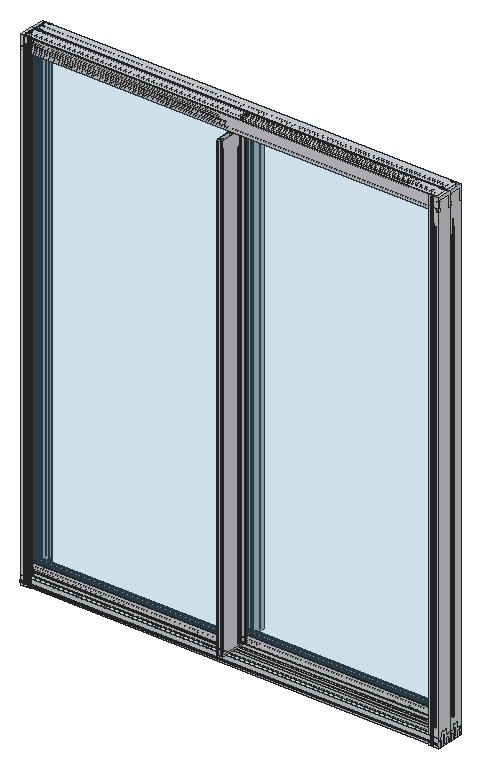
Revit family "Edge S - OX+", category Doors, host Wall, Revit 2019
Family settings
  Host = Wall
  OmniClass Number = 23.30.10.00
  OmniClass Title = Doors
  Always vertical = Yes
  Cut with Voids When Loaded = No
  Shared = No
  Room Calculation Point = No
Parameters (values of type "OX")
  Wall Setback = (Recommended Wall Thickness - Total Track Width) / 2  # 2.000"
  Total Track Width = Number of Panels * (Single Track Width)  # 5.000"
  Thickness = 0.000"  # constant formula
  Single Track Width = 2.500"  # constant formula
  Single Blade Offset = Panel Width * (Single Blade Location) + 0.031"  # 37.531"
  Single Blade Location = 1  # constant formula
  Single Blade Height = Height - 1.000"  # 83.000"
  Single Blade = yes
  Rough Width = Width + 3.375"  # 75.375"
  Rough Height = Height + 5.000"  # 89.000"
  Recommended Wall Thickness = Total Track Width + 4.000"  # 9.000"
  Panel Width = Net Panel Width / Number of Panels  # 37.500"
  Panel Opening Width = Width + 2.000"  # 74.000"
  Panel Opening Height = Height + 1.000"  # 85.000"
  Number of Panels = 2
  Number of Keeps = Number of Panels - 1  # 1
  Net Panel Width = Panel Opening Width + (Number of Keeps * 1.000")  # 75.000"
  Interlocks and Fins = yes
  Interlocks and Single Blade = yes
  Keep and Fin Heights = Height - 0.125"  # 83.875"
  Function = Interior
  Frame Projection Ext. = 1.000"
  Frame Projection Int. = 1.000"
  Frame Width = 3.000"
  Height = 84.000"
  Wall Closure = By host
  Width = 72.000"
  Daylight Width [instance] = Width  # 72.000"
  Daylight Height [instance] = Height  # 84.000"
  Center of Interlock Location = Net Panel Width / Number of Panels - 0.500"  # 37.000"
  Analytic Construction = "<None>"
Reference planes (in)
  plane 1 "Center (Front/Back)": y = 0
  plane 2 "Center (Left/Right)": x = 0
  plane 3 "Left": x = -36
  plane 4 "Right": x = 36
  plane 5 "Top": z = 84
  plane 6 "Exterior": y = 7.59375
  plane 7 "Interior": y = -4.40625
  plane 8: z = -2.5
  plane 9: x = -37.6875
  plane 10: x = 37.6875
  plane 11: z = 86.5
  plane 12: y = 0.09375
  plane 13: y = -2.40625
  plane 14: y = 2.59375
  plane 15: y = 4.59375
  plane 16: z = 0.125
  plane 17: x = 0.5
  plane 18: x = -37
  plane 19: x = 37
  plane 20: x = 37
  plane 21: x = 0
  plane 22: x = -36.5
  plane 23: x = -0.5
  plane 24: x = 36
  plane 25: z = 83.75
  plane 26: x = 0.531
Forms (in)
  Extrusion 1, void
    sketch origin (0, 0, 0) x (1, 0, 0) y (0, 1, 0)
      loop
        line (-35.6, 12.59375) -> (-35.6, -0.03125) -> (-37.5625, -0.03125) -> (-37.5625, -2.28125) -> (-35.7, -2.28125) -> (-35.7, -9.40625) -> (35.6, -9.40625) -> (35.6, 0.21875) -> (37.5625, 0.21875) -> (37.5625, 2.46875) -> (35.6, 2.46875) -> (35.6, 12.59375) -> (-35.6, 12.59375)
    from 0 to 83.75
  Extrusion 2, void
    sketch origin (0, 0, 0) x (1, 0, 0) y (0, 0, 1)
      loop
        line (37.6875, 86.5) -> (-37.6875, 86.5) -> (-37.6875, 83.94051) -> (37.6875, 83.94051) -> (37.6875, 86.5)
    from 2.33125 to -2.51875
Lines and regions (in)
  model lines
    curve 1: line (-0.5, -1.78125, 0) -> (-0.5, -3.18941, 0)
    curve 2: line (36, 0.71875, 0) -> (36, -0.68941, 0)
Text (in)
  text "Exterior" at (-74.96733, 27.31104, 0), in view "Ref. Level"
  text "Interior" at (-74.96733, -25.14366, 0), in view "Ref. Level"
  text "Exterior" at (0, 40.15149, 123.01588), in view "Right"
  text "Interior" at (0, -64.39139, 123.01588), in view "Right"
  text "Interior" at (0, -31.01599, 123.00693), in view "Left"
  text "Exterior" at (0, 54.57065, 123.00693), in view "Left"
Dimensions and locks (in)
  equal spacing: plane 3 "Left", plane 2 "Center (Left/Right)", plane 4 "Right"
  "Height": level to plane 5 "Top"
  "Width": plane 3 "Left" to plane 4 "Right"
  plane 3 "Left" to plane 4 "Right" = 72.000"
  "Rough Width": plane 9 to plane 10
  "Rough Height": plane 8 to plane 11
  "Single Track Width": plane 13 to plane 12
  equal spacing: plane 10, plane 2 "Center (Left/Right)", plane 9
  locked: plane 8 to level at 2.5
  group 1 to group 2 = 0.000"  (x2)
  group 1 to group 2 = 2.500"
  group 3 to group 4 = 0.000"  (x2)
  group 3 to group 4 = 2.500"
  group 5 to group 6 = 0.000"  (x2)
  group 5 to group 6 = 2.500"
  group 7 to group 8 = 0.000"  (x2)
  group 7 to group 8 = 2.500"
  "Total Track Width": plane 13 to plane 14
  plane 13 to plane 1 "Center (Front/Back)" to plane 14 = 2.40625", 2.59375"
  plane 5 "Top" to plane 11 = 2.500"
  plane 6 "Exterior" to Extrusion 1 sketch curve = 5.000"
  locked: Extrusion 1 sketch curve to plane 7 "Interior" at 5
  locked: plane 3 "Left" to Extrusion 1 sketch curve at 0.4
  locked: plane 9 to Extrusion 1 sketch curve at 0.125
  locked: nested 4 to Extrusion 1 sketch curve at 0.125
  nested 5 to Extrusion 1 sketch curve = 0.125"
  locked: Extrusion 1 sketch curve to plane 4 "Right" at 0.4
  locked: Extrusion 1 sketch curve to plane 10 at 0.125
  locked: Extrusion 1 sketch curve to plane 14 at 0.125
  locked: Extrusion 1 sketch curve to Extrusion 1 sketch curve at 2.25  (x2)
  locked: plane 13 to Extrusion 2 at 0.075
  locked: Extrusion 2 to plane 14 at 0.075
  locked: Extrusion 2 sketch curve to plane 5 "Top" at 0.05949
  locked: plane 7 "Interior" to nested 4 at 2
  "Recommended Wall Thickness": plane 7 "Interior" to plane 15
  "Keep and Fin Heights": plane 16 to plane 5 "Top"
  "Wall Setback": plane 7 "Interior" to plane 13
  locked: plane 18 to plane 3 "Left" at 1
  locked: plane 4 "Right" to plane 19 at 1
  plane 18 to plane 19 = 74.000"
  "Panel Width": plane 18 to plane 17
  group 9 to group 10 = 36.500"
  group 9 to group 10 = 2.500"
  group 9 to group 10 = 0.000"
  locked: plane 18 to plane 22 at 0.5
  locked: plane 23 to plane 17 at 1
  "Center of Interlock Location": plane 18 to plane 21
  plane 23 to plane 21 to plane 17 = 0.500" locked, 0.500" locked
  locked: nested 9 to plane 7 "Interior" at 3.25
  locked: nested 10 to plane 7 "Interior" at 5.75
  locked: plane 25 to plane 5 "Top" at 0.25
  "Single Blade Offset": plane 18 to plane 26
  locked: nested 11 to plane 13 at 2.1875
  aligned and locked: plane 6 "Exterior" to host wall
  aligned and locked: plane 7 "Interior" to host wall
  aligned and locked: plane 8 to nested 1  (x2)
  aligned and locked: plane 13 to nested 4
  aligned and locked: plane 13 to nested 1
  aligned and locked: nested 3 to plane 13
  aligned and locked: plane 11 to nested 4
  aligned and locked: plane 9 to nested 4
  aligned and locked: plane 10 to nested 4
  aligned and locked: nested 3 to plane 10
  aligned and locked: nested 3 to plane 8
  aligned and locked: plane 8 to nested 2
  aligned and locked: plane 9 to nested 1
  aligned and locked: plane 9 to nested 5
  aligned and locked: plane 9 to nested 8
  aligned and locked: nested 8 to plane 9
  aligned and locked: nested 7 to plane 10
  aligned and locked: plane 10 to nested 6
  aligned and locked: plane 9 to nested 6
  aligned and locked: Extrusion 2 sketch curve to plane 10
  aligned and locked: Extrusion 2 sketch curve to plane 11
  aligned and locked: Extrusion 2 sketch curve to plane 9
  aligned and locked: Extrusion 1 sketch curve to Extrusion 1 sketch curve
  aligned and locked: nested 9 to plane 18  (x2)
  aligned and locked: plane 17 to nested 9
  aligned and locked: plane 20 to nested 10
  aligned and locked: nested 10 to plane 23
  aligned and locked: plane 13 to nested 2
  aligned and locked: nested 6 to plane 12
  aligned and locked: nested 8 to plane 12
  aligned and locked: nested 5 to plane 12
  aligned and locked: plane 25 to Extrusion 1
  aligned and locked: plane 12 to nested 7
  aligned and locked: nested 11 to plane 26
Automatic sketch dimensions
  curve 1 to plane 17 = 1.000"
  curve 1 to curve 1 = 1.40816"
  curve 2 to plane 20 = 1.000"
  curve 2 to curve 2 = 1.40816"
  Extrusion 1 sketch curve to plane 3 "Left" = 0.300"
  Extrusion 2 sketch curve to plane 10 = 0.000"
Nested families (in)
  nested 1: "Jamb (Default)" at (-36.84375, -1.15625, -2.5), Jamb Height <- "Rough Height", type "Jamb (Default)"
    with Jamb Height 89.000"
  nested 2: "Track" at (0, -1.25, 0), Track Width <- "Rough Width", type "Track"
    with Track Width 75.375"
  nested 3: "Jamb (Default)" at (36.84375, -1.15625, -2.5) x (-1, 0, 0) z (0, 0, 1), Jamb Height <- "Rough Height", type "Jamb (Default)"
    with Jamb Height 89.000"
  nested 4: "Head" at (0, -1.15625, 84), Track Width <- "Rough Width", built-in parameter 1001364 <- "Height", type "Head"
    with Track Width 75.375"
  nested 5: "Head" at (0, 1.34375, 84), Track Width <- "Rough Width", built-in parameter 1001364 <- "Height", type "Head"
    with Track Width 75.375"
  nested 6: "Track" at (0, 1.25, 0), Track Width <- "Rough Width", type "Track"
    with Track Width 75.375"
  nested 7: "Jamb (Default)" at (36.84375, 1.34375, -2.5) x (-1, 0, 0) z (0, 0, 1), Jamb Height <- "Rough Height", type "Jamb (Default)"
    with Jamb Height 89.000"
  nested 8: "Jamb (Default)" at (-36.84375, 1.34375, -2.5), Jamb Height <- "Rough Height", type "Jamb (Default)"
    with Jamb Height 89.000"
  nested 9: "Edge S Panel" at (-18.25, -1.15625, 1), LEFT Keep Interlock <- "Interlocks and Single Blade", LEFT Keep With Fin <- "Interlocks and Fins", RIGHT Keep Interlock <- "Interlocks and Single Blade", RIGHT Keep With Fin <- "Interlocks and Fins", type "Edge S Panel"
    with RIGHT Keep With Fin yes, RIGHT Keep Interlock yes, LEFT Keep With Fin yes, LEFT Keep Interlock yes
  nested 10: "Edge S Panel" at (18.25, 1.34375, 1), LEFT Keep Interlock <- "Interlocks and Single Blade", LEFT Keep With Fin <- "Interlocks and Fins", RIGHT Keep Interlock <- "Interlocks and Single Blade", RIGHT Keep With Fin <- "Interlocks and Fins", type "Edge S Panel"
    with RIGHT Keep With Fin yes, RIGHT Keep Interlock yes, LEFT Keep With Fin yes, LEFT Keep Interlock yes
  nested 11: "Keep Interlock with Blade Hardware" at (0.031, 0.09375, 0.562), visible <- "Single Blade", Jamb Height <- "Single Blade Height", type "Keep Interlock with Blade Hardware"
    with Jamb Height 83.000", Hardware Height 36.000"
Definition of nested family "Jamb (Default)"
  Parameters (values of type "Jamb (Default)")
    Jamb Height [instance] = 60.000"
  Reference planes (in)
    plane 1 "Center (Front/Back)": y = 0
    plane 2: z = 0
    plane 3 "Center (Left/Right)": x = 0
    plane 4: z = 60
    plane 5: z = 0
  Forms (in)
    Extrusion 1, solid
      sketch origin (15.48525, -6, 0) x (1, 0, 0) y (0, 1, 0)
        loop
          line (-14.6415, 7.25) -> (-16.329, 7.25) -> (-16.329, 4.75) -> (-14.6415, 4.75) -> (-14.6415, 4.8125)
          arc (-14.6415, 4.8125) -> (-14.67811, 4.90089) -> (-14.7665, 4.9375) r 0.125
          line (-14.7665, 4.9375) -> (-14.854, 4.9375)
          arc (-14.854, 4.9375) -> (-14.879, 4.9125) -> (-14.854, 4.8875) r 0.025
          arc (-14.854, 4.8875) -> (-14.829, 4.8625) -> (-14.854, 4.8375) r 0.025
          line (-14.854, 4.8375) -> (-15.1165, 4.8375)
          arc (-15.1165, 4.8375) -> (-15.1415, 4.8625) -> (-15.1165, 4.8875) r 0.025
          arc (-15.1165, 4.8875) -> (-15.0915, 4.9125) -> (-15.1165, 4.9375) r 0.025
          line (-15.1165, 4.9375) -> (-15.20425, 4.9375)
          arc (-15.20425, 4.9375) -> (-15.22617, 4.92842) -> (-15.23525, 4.9065) r 0.031
          line (-15.23525, 4.9065) -> (-15.24525, 4.87501) -> (-15.76649, 4.87501)
          arc (-15.76649, 4.87501) -> (-15.81067, 4.89331) -> (-15.82897, 4.9375) r 0.06249
          line (-15.82897, 4.9375) -> (-15.82897, 5.34375)
          arc (-15.82897, 5.34375) -> (-15.86022, 5.375) -> (-15.82897, 5.40625) r 0.03125
          line (-15.82897, 5.40625) -> (-15.82897, 5.84399)
          arc (-15.82897, 5.84399) -> (-15.83802, 5.86584) -> (-15.85986, 5.87489) r 0.03089
          arc (-15.85986, 5.87489) -> (-15.89795, 6) -> (-15.85986, 6.12511) r 0.22455
          arc (-15.85986, 6.12511) -> (-15.83802, 6.13416) -> (-15.82897, 6.15601) r 0.03089
          line (-15.82897, 6.15601) -> (-15.82897, 6.59375)
          arc (-15.82897, 6.59375) -> (-15.86022, 6.625) -> (-15.82897, 6.65625) r 0.03125
          line (-15.82897, 6.65625) -> (-15.82897, 7.0625)
          arc (-15.82897, 7.0625) -> (-15.81067, 7.10669) -> (-15.76649, 7.12499) r 0.06249
          line (-15.76649, 7.12499) -> (-15.24525, 7.12499) -> (-15.23525, 7.0935)
          arc (-15.23525, 7.0935) -> (-15.22617, 7.07158) -> (-15.20425, 7.0625) r 0.031
          line (-15.20425, 7.0625) -> (-15.1165, 7.0625)
          arc (-15.1165, 7.0625) -> (-15.0915, 7.0875) -> (-15.1165, 7.1125) r 0.025
          arc (-15.1165, 7.1125) -> (-15.1415, 7.1375) -> (-15.1165, 7.1625) r 0.025
          line (-15.1165, 7.1625) -> (-14.854, 7.1625)
          arc (-14.854, 7.1625) -> (-14.829, 7.1375) -> (-14.854, 7.1125) r 0.025
          arc (-14.854, 7.1125) -> (-14.879, 7.0875) -> (-14.854, 7.0625) r 0.025
          line (-14.854, 7.0625) -> (-14.7665, 7.0625)
          arc (-14.7665, 7.0625) -> (-14.67811, 7.09911) -> (-14.6415, 7.1875) r 0.125
          line (-14.6415, 7.1875) -> (-14.6415, 7.25)
      from 0 to 60
  Dimensions and locks (in)
    "Jamb Height": plane 4 to plane 5
    plane 5 to level = 0.000"
    aligned and locked: plane 2 to level
    aligned and locked: plane 4 to Extrusion 1
    aligned and locked: plane 5 to Extrusion 1
    aligned and locked: Extrusion 1 to plane 4
  Automatic sketch dimensions
    plane 1 "Center (Front/Back)" to Extrusion 1 sketch curve = 0.000"
    Extrusion 1 sketch curve to plane 3 "Center (Left/Right)" = 0.84375"
    Extrusion 1 sketch curve to plane 1 "Center (Front/Back)" = 0.15601"
    Extrusion 1 sketch curve to plane 3 "Center (Left/Right)" = 0.37462"
    plane 1 "Center (Front/Back)" to Extrusion 1 sketch curve = 0.15601"
    Extrusion 1 sketch curve to Extrusion 1 sketch curve = 0.000"  (x3)
    Extrusion 1 sketch curve to plane 3 "Center (Left/Right)" = 0.34372"
    Extrusion 1 sketch curve to Extrusion 1 sketch curve = 0.06249"  (x2)
    Extrusion 1 sketch curve to plane 3 "Center (Left/Right)" = 0.18815"
    plane 3 "Center (Left/Right)" to Extrusion 1 sketch curve = 0.240"  (x2)
    Extrusion 1 sketch curve to Extrusion 1 sketch curve = 0.010"  (x2)
    Extrusion 1 sketch curve to Extrusion 1 sketch curve = 0.031"  (x2)
    Extrusion 1 sketch curve to Extrusion 1 sketch curve = 0.08775"  (x2)
    Extrusion 1 sketch curve to Extrusion 1 sketch curve = 0.2625"  (x2)
    Extrusion 1 sketch curve to Extrusion 1 sketch curve = 0.0875"  (x2)
    Extrusion 1 sketch curve to Extrusion 1 sketch curve = 0.125"  (x2)
    Extrusion 1 sketch curve to Extrusion 1 sketch curve = 0.43774"  (x2)
    Extrusion 1 sketch curve to Extrusion 1 sketch curve = 0.03125"  (x2)
    Extrusion 1 sketch curve to Extrusion 1 sketch curve = 0.40625"  (x3)
    Extrusion 1 sketch curve to Extrusion 1 sketch curve = 0.025"  (x10)
    Extrusion 1 sketch curve to Extrusion 1 sketch curve = 0.1875"
    Extrusion 1 sketch curve to plane 1 "Center (Front/Back)" = 1.0625"
    Extrusion 1 sketch curve to Extrusion 1 sketch curve = 0.0625"
Definition of nested family "Track"
  Parameters (values of type "Track")
    Track Width [instance] = 12.000"
  Reference planes (in)
    plane 1 "Center (Front/Back)": y = 0
    plane 2: z = 0
    plane 3 "Center (Left/Right)": x = 0
    plane 4: z = 60
  Forms (in)
    Extrusion 1, solid
      sketch origin (6.09375, 19.95712, -81.63742) x (0, -1, 0) y (0, 0, 1)
        loop
          line (18.61337, 80.63742) -> (18.61337, 79.85492)
          arc (18.61337, 79.85492) -> (18.625, 79.8312) -> (18.65087, 79.82587) r 0.03
          arc (18.65087, 79.82587) -> (18.67674, 79.8312) -> (18.68837, 79.85492) r 0.03
          line (18.68837, 79.85492) -> (18.68837, 79.98742) -> (18.77537, 79.98742) -> (18.77537, 79.81617)
          arc (18.77537, 79.81617) -> (18.79565, 79.80385) -> (18.81087, 79.78563) r 0.0725
          line (18.81087, 79.78563) -> (18.81087, 79.71214)
          arc (18.81087, 79.71214) -> (18.79329, 79.69198) -> (18.76959, 79.67956) r 0.0725
          arc (18.76959, 79.67956) -> (18.75425, 79.66872) -> (18.74837, 79.65087) r 0.03
          line (18.74837, 79.65087) -> (18.74837, 79.13742) -> (18.82337, 79.13742) -> (18.82337, 79.62188)
          arc (18.82337, 79.62188) -> (18.89489, 79.73195) -> (18.85037, 79.85543) r 0.1475
          line (18.85037, 79.85543) -> (18.85037, 80.06242) -> (18.68837, 80.06242) -> (18.68837, 80.56242) -> (19.17016, 80.56242) -> (19.17016, 80.53104)
          arc (19.17016, 80.53104) -> (19.08244, 80.41854) -> (19.12025, 80.28098) r 0.159
          arc (19.12025, 80.28098) -> (19.17321, 80.27822) -> (19.17596, 80.33118) r 0.0375
          arc (19.17596, 80.33118) -> (19.23837, 80.47142) -> (19.30077, 80.33118) r 0.084
          arc (19.30077, 80.33118) -> (19.30352, 80.27822) -> (19.35648, 80.28098) r 0.0375
          arc (19.35648, 80.28098) -> (19.38679, 80.33041) -> (19.39737, 80.38742) r 0.159
          line (19.39737, 80.38742) -> (19.45087, 80.38742) -> (19.45087, 79.13742) -> (19.55087, 79.13742) -> (19.55087, 79.28742) -> (20.17587, 79.28742) -> (20.17587, 79.13742) -> (20.27587, 79.13742) -> (20.27587, 80.38742) -> (20.32937, 80.38742)
          arc (20.32937, 80.38742) -> (20.33994, 80.33041) -> (20.37025, 80.28098) r 0.159
          arc (20.37025, 80.28098) -> (20.42321, 80.27822) -> (20.42596, 80.33118) r 0.0375
          arc (20.42596, 80.33118) -> (20.48837, 80.47142) -> (20.55077, 80.33118) r 0.084
          arc (20.55077, 80.33118) -> (20.55352, 80.27822) -> (20.60648, 80.28098) r 0.0375
          arc (20.60648, 80.28098) -> (20.64474, 80.41619) -> (20.56087, 80.52892) r 0.159
          line (20.56087, 80.52892) -> (20.56087, 80.56242) -> (21.03837, 80.56242) -> (21.03837, 80.06242) -> (20.86337, 80.06242) -> (20.86337, 79.13742) -> (20.93837, 79.13742) -> (20.93837, 79.98742) -> (21.03837, 79.98742) -> (21.03837, 79.74992) -> (21.18588, 79.74992)
          arc (21.18588, 79.74992) -> (21.2302, 79.68909) -> (21.30087, 79.71497) r 0.0625
          line (21.30087, 79.71497) -> (21.30087, 79.7828)
          arc (21.30087, 79.7828) -> (21.28467, 79.79976) -> (21.26337, 79.80956) r 0.0625
          line (21.26337, 79.80956) -> (21.26337, 79.93992) -> (21.19774, 79.93992) -> (21.19774, 79.82492) -> (21.11337, 79.82492) -> (21.11337, 80.63742) -> (20.27587, 80.63742) -> (20.27587, 81.25242) -> (20.25087, 81.30617) -> (20.25087, 81.63742) -> (20.17587, 81.63742) -> (20.17587, 81.13742) -> (20.05137, 81.13742) -> (20.05137, 81.38742) -> (20.01169, 81.38742)
          arc (20.01169, 81.38742) -> (19.99526, 81.38142) -> (19.98656, 81.36624) r 0.0255
          arc (19.98656, 81.36624) -> (19.86337, 81.26242) -> (19.74017, 81.36624) r 0.125
          arc (19.74017, 81.36624) -> (19.73148, 81.38142) -> (19.71504, 81.38742) r 0.0255
          line (19.71504, 81.38742) -> (19.67537, 81.38742) -> (19.67537, 81.13742) -> (19.55087, 81.13742) -> (19.55087, 81.63742) -> (19.47587, 81.63742) -> (19.47587, 81.30617) -> (19.45087, 81.25242) -> (19.45087, 80.63742) -> (18.61337, 80.63742)
        loop
          line (19.65837, 81.00242) -> (19.65837, 79.39742) -> (20.06837, 79.39742) -> (20.06837, 81.00242) -> (19.94677, 81.00242)
          arc (19.94677, 81.00242) -> (19.86337, 81.09642) -> (19.77996, 81.00242) r 0.084
          line (19.77996, 81.00242) -> (19.65837, 81.00242)
      from 0.09375 to 12.09375
  Dimensions and locks (in)
    plane 4 to level = 60.000"
    equal spacing: Extrusion 1, plane 3 "Center (Left/Right)", Extrusion 1
    "Track Width": Extrusion 1 to Extrusion 1
    equal spacing: Extrusion 1, plane 1 "Center (Front/Back)", Extrusion 1
    aligned and locked: plane 2 to level
  Automatic sketch dimensions
    Extrusion 1 sketch curve to Extrusion 1 sketch curve = 0.000"  (x28)
    Extrusion 1 sketch curve to level = 0.000"  (x2)
    Extrusion 1 sketch curve to level = 1.7825"
    Extrusion 1 sketch curve to plane 1 "Center (Front/Back)" = 1.34375"
    Extrusion 1 sketch curve to Extrusion 1 sketch curve = 0.030"  (x3)
    Extrusion 1 sketch curve to Extrusion 1 sketch curve = 0.015"
    Extrusion 1 sketch curve to Extrusion 1 sketch curve = 0.075"  (x11)
    Extrusion 1 sketch curve to Extrusion 1 sketch curve = 0.060"
    Extrusion 1 sketch curve to Extrusion 1 sketch curve = 0.087"
    Extrusion 1 sketch curve to Extrusion 1 sketch curve = 0.0355"
    Extrusion 1 sketch curve to Extrusion 1 sketch curve = 0.29774"
    Extrusion 1 sketch curve to Extrusion 1 sketch curve = 0.02205"
    Extrusion 1 sketch curve to Extrusion 1 sketch curve = 0.09026"  (x4)
    Extrusion 1 sketch curve to Extrusion 1 sketch curve = 0.06874"  (x2)
    Extrusion 1 sketch curve to Extrusion 1 sketch curve = 0.0535"  (x2)
    Extrusion 1 sketch curve to Extrusion 1 sketch curve = 0.6275"
    Extrusion 1 sketch curve to Extrusion 1 sketch curve = 0.025"
    Extrusion 1 sketch curve to Extrusion 1 sketch curve = 0.100"  (x4)
    Extrusion 1 sketch curve to Extrusion 1 sketch curve = 0.1075"  (x2)
    Extrusion 1 sketch curve to Extrusion 1 sketch curve = 0.1995"
    Extrusion 1 sketch curve to Extrusion 1 sketch curve = 0.03968"  (x2)
    Extrusion 1 sketch curve to Extrusion 1 sketch curve = 0.1216"  (x2)
    Extrusion 1 sketch curve to Extrusion 1 sketch curve = 0.0834"  (x2)
    Extrusion 1 sketch curve to Extrusion 1 sketch curve = 0.14832"  (x2)
    Extrusion 1 sketch curve to Extrusion 1 sketch curve = 0.1245"
    Extrusion 1 sketch curve to Extrusion 1 sketch curve = 0.2075"
    Extrusion 1 sketch curve to Extrusion 1 sketch curve = 0.0725"
    Extrusion 1 sketch curve to Extrusion 1 sketch curve = 0.28474"
    Extrusion 1 sketch curve to Extrusion 1 sketch curve = 0.07251"
    Extrusion 1 sketch curve to Extrusion 1 sketch curve = 0.01187"
    Extrusion 1 sketch curve to Extrusion 1 sketch curve = 0.06249"
    Extrusion 1 sketch curve to Extrusion 1 sketch curve = 0.06563"
    Extrusion 1 sketch curve to Extrusion 1 sketch curve = 0.0525"
    Extrusion 1 sketch curve to level = 1.8125"
    Extrusion 1 sketch curve to Extrusion 1 sketch curve = 0.03874"
    Extrusion 1 sketch curve to Extrusion 1 sketch curve = 0.01536"
    Extrusion 1 sketch curve to Extrusion 1 sketch curve = 0.03054"
    Extrusion 1 sketch curve to Extrusion 1 sketch curve = 0.02676"
    Extrusion 1 sketch curve to Extrusion 1 sketch curve = 0.03674"
    Extrusion 1 sketch curve to Extrusion 1 sketch curve = 0.06127"
    Extrusion 1 sketch curve to Extrusion 1 sketch curve = 0.029"
    Extrusion 1 sketch curve to Extrusion 1 sketch curve = 0.22446"
    Extrusion 1 sketch curve to Extrusion 1 sketch curve = 0.110"
    Extrusion 1 sketch curve to Extrusion 1 sketch curve = 0.150"  (x2)
    Extrusion 1 sketch curve to Extrusion 1 sketch curve = 0.48446"
    Extrusion 1 sketch curve to Extrusion 1 sketch curve = 0.6125"
    Extrusion 1 sketch curve to Extrusion 1 sketch curve = 0.115"  (x3)
    Extrusion 1 sketch curve to Extrusion 1 sketch curve = 0.13198"
    Extrusion 1 sketch curve to Extrusion 1 sketch curve = 0.1625"
    Extrusion 1 sketch curve to Extrusion 1 sketch curve = 0.24367"  (x2)
    Extrusion 1 sketch curve to Extrusion 1 sketch curve = 0.08133"  (x3)
    Extrusion 1 sketch curve to Extrusion 1 sketch curve = 0.14363"
    Extrusion 1 sketch curve to Extrusion 1 sketch curve = 0.03349"
    Extrusion 1 sketch curve to Extrusion 1 sketch curve = 0.03137"
    Extrusion 1 sketch curve to Extrusion 1 sketch curve = 0.250"
    Extrusion 1 sketch curve to Extrusion 1 sketch curve = 0.365"
    Extrusion 1 sketch curve to Extrusion 1 sketch curve = 0.010"
    Extrusion 1 sketch curve to Extrusion 1 sketch curve = 0.135"  (x2)
    Extrusion 1 sketch curve to Extrusion 1 sketch curve = 0.05375"  (x2)
    Extrusion 1 sketch curve to Extrusion 1 sketch curve = 0.2245"  (x2)
    Extrusion 1 sketch curve to Extrusion 1 sketch curve = 0.0255"  (x2)
    Extrusion 1 sketch curve to Extrusion 1 sketch curve = 0.02786"  (x5)
Definition of nested family "Head"
  Parameters (values of type "Head")
    Track Width [instance] = 12.000"
  Reference planes (in)
    plane 1 "Center (Front/Back)": y = 0
    plane 2: z = 0
    plane 3 "Center (Left/Right)": x = 0
    plane 4: z = 60
  Forms (in)
    Extrusion 1, solid
      sketch origin (6.09375, 19.86337, -84.09992) x (0, -1, 0) y (0, 0, 1)
        loop
          line (18.73837, 84.70367) -> (18.73837, 85.80867) -> (18.76962, 85.81867)
          arc (18.76962, 85.81867) -> (18.80087, 85.84992) -> (18.76962, 85.88117) r 0.03125
          line (18.76962, 85.88117) -> (18.73836, 85.89117) -> (18.73836, 86.03743)
          arc (18.73836, 86.03743) -> (18.75667, 86.08163) -> (18.80087, 86.09994) r 0.06251
          line (18.80087, 86.09994) -> (19.20712, 86.09994)
          arc (19.20712, 86.09994) -> (19.23837, 86.13119) -> (19.26962, 86.09994) r 0.03125
          line (19.26962, 86.09994) -> (19.70735, 86.09994)
          arc (19.70735, 86.09994) -> (19.72931, 86.10904) -> (19.73841, 86.131) r 0.03106
          arc (19.73841, 86.131) -> (19.86416, 86.16944) -> (19.98992, 86.13104) r 0.22505
          arc (19.98992, 86.13104) -> (19.9991, 86.10888) -> (20.02127, 86.0997) r 0.03135
          line (20.02127, 86.0997) -> (20.45712, 86.0997)
          arc (20.45712, 86.0997) -> (20.48837, 86.13095) -> (20.51962, 86.0997) r 0.03125
          line (20.51962, 86.0997) -> (20.92591, 86.0997)
          arc (20.92591, 86.0997) -> (20.97002, 86.08143) -> (20.98829, 86.03732) r 0.06238
          line (20.98829, 86.03732) -> (20.98829, 85.89117) -> (20.95712, 85.88117)
          arc (20.95712, 85.88117) -> (20.92587, 85.84992) -> (20.95712, 85.81867) r 0.03125
          line (20.95712, 85.81867) -> (20.98837, 85.80867) -> (20.98837, 84.70367) -> (20.95687, 84.69367)
          arc (20.95687, 84.69367) -> (20.93495, 84.68459) -> (20.92587, 84.66267) r 0.031
          line (20.92587, 84.66267) -> (20.92587, 84.57492)
          arc (20.92587, 84.57492) -> (20.95087, 84.54992) -> (20.97587, 84.57492) r 0.025
          arc (20.97587, 84.57492) -> (21.00087, 84.59992) -> (21.02587, 84.57492) r 0.025
          line (21.02587, 84.57492) -> (21.02587, 84.31242)
          arc (21.02587, 84.31242) -> (21.00087, 84.28742) -> (20.97587, 84.31242) r 0.025
          arc (20.97587, 84.31242) -> (20.95087, 84.33742) -> (20.92587, 84.31242) r 0.025
          line (20.92587, 84.31242) -> (20.92587, 84.22492)
          arc (20.92587, 84.22492) -> (20.96248, 84.13653) -> (21.05087, 84.09992) r 0.125
          line (21.05087, 84.09992) -> (21.11337, 84.09992) -> (21.11337, 86.59992) -> (18.61337, 86.59992) -> (18.61337, 84.09992) -> (18.67587, 84.09992)
          arc (18.67587, 84.09992) -> (18.76426, 84.13653) -> (18.80087, 84.22492) r 0.125
          line (18.80087, 84.22492) -> (18.80087, 84.31242)
          arc (18.80087, 84.31242) -> (18.77587, 84.33742) -> (18.75087, 84.31242) r 0.025
          arc (18.75087, 84.31242) -> (18.72587, 84.28742) -> (18.70087, 84.31242) r 0.025
          line (18.70087, 84.31242) -> (18.70087, 84.57492)
          arc (18.70087, 84.57492) -> (18.72587, 84.59992) -> (18.75087, 84.57492) r 0.025
          arc (18.75087, 84.57492) -> (18.77587, 84.54992) -> (18.80087, 84.57492) r 0.025
          line (18.80087, 84.57492) -> (18.80087, 84.66267)
          arc (18.80087, 84.66267) -> (18.79179, 84.68459) -> (18.76987, 84.69367) r 0.031
          line (18.76987, 84.69367) -> (18.73837, 84.70367)
      from 0.09375 to 12.09375
  Dimensions and locks (in)
    plane 4 to level = 60.000"
    equal spacing: Extrusion 1, plane 3 "Center (Left/Right)", Extrusion 1
    "Track Width": Extrusion 1 to Extrusion 1
    equal spacing: Extrusion 1, plane 1 "Center (Front/Back)", Extrusion 1
    Extrusion 1 to Extrusion 1 = 2.500"
    aligned and locked: plane 2 to level
  Automatic sketch dimensions
    Extrusion 1 sketch curve to plane 1 "Center (Front/Back)" = 1.250"
    Extrusion 1 sketch curve to Extrusion 1 sketch curve = 0.0625"  (x2)
    Extrusion 1 sketch curve to Extrusion 1 sketch curve = 0.025"  (x12)
    Extrusion 1 sketch curve to Extrusion 1 sketch curve = 0.12499"
    Extrusion 1 sketch curve to Extrusion 1 sketch curve = 0.00001"
    Extrusion 1 sketch curve to Extrusion 1 sketch curve = 0.03126"
    Extrusion 1 sketch curve to Extrusion 1 sketch curve = 0.0315"  (x2)
    Extrusion 1 sketch curve to Extrusion 1 sketch curve = 0.031"  (x2)
    Extrusion 1 sketch curve to Extrusion 1 sketch curve = 0.06251"
    Extrusion 1 sketch curve to Extrusion 1 sketch curve = 0.40625"
    Extrusion 1 sketch curve to Extrusion 1 sketch curve = 0.03125"  (x4)
    Extrusion 1 sketch curve to plane 1 "Center (Front/Back)" = 0.15602"
    plane 1 "Center (Front/Back)" to Extrusion 1 sketch curve = 0.00083"
    plane 1 "Center (Front/Back)" to Extrusion 1 sketch curve = 0.1579"
    Extrusion 1 sketch curve to Extrusion 1 sketch curve = 0.43585"
    plane 1 "Center (Front/Back)" to Extrusion 1 sketch curve = 1.0625"
    Extrusion 1 sketch curve to Extrusion 1 sketch curve = 0.000"
    Extrusion 1 sketch curve to Extrusion 1 sketch curve = 0.40629"
    Extrusion 1 sketch curve to Extrusion 1 sketch curve = 0.03121"
    Extrusion 1 sketch curve to Extrusion 1 sketch curve = 0.03117"
    Extrusion 1 sketch curve to level = 0.000"
    Extrusion 1 sketch curve to Extrusion 1 sketch curve = 0.125"
    Extrusion 1 sketch curve to Extrusion 1 sketch curve = 0.0875"  (x2)
    Extrusion 1 sketch curve to Extrusion 1 sketch curve = 0.2625"  (x2)
    Extrusion 1 sketch curve to Extrusion 1 sketch curve = 0.08775"  (x2)
    Extrusion 1 sketch curve to Extrusion 1 sketch curve = 0.010"  (x6)
    Extrusion 1 sketch curve to Extrusion 1 sketch curve = 1.105"
    Extrusion 1 sketch curve to Extrusion 1 sketch curve = 1.14625"
    Extrusion 1 sketch curve to Extrusion 1 sketch curve = 0.06322"
    Extrusion 1 sketch curve to Extrusion 1 sketch curve = 0.14615"
    Extrusion 1 sketch curve to Extrusion 1 sketch curve = 0.14626"
    Extrusion 1 sketch curve to Extrusion 1 sketch curve = 0.03106"
    Extrusion 1 sketch curve to Extrusion 1 sketch curve = 0.49998"
Definition of nested family "Edge S Panel"
  Parameters (values of type "Edge S Panel")
    Width = 37.500"
    Thickness = 1.250"
    Sill Width = Width - 0.500"  # 37.000"
    RIGHT Keep With Fin [instance] = yes
    RIGHT Keep Interlock [instance] = yes
    LEFT Keep With Fin [instance] = yes
    LEFT Keep Interlock [instance] = yes
    Keep Offset = 0.375"  # constant formula
    Keep Jamb Height = Jamb Height + Keep Offset + 1.000"  # 84.375"
    Jamb Height = Height - 2.000"  # 83.000"
    Height = 85.000"
    Glass Height = Height - 2 * (0.438")  # 84.124"
    Glass = none
    Analytic Construction = "<None>"
  Reference planes (in)
    plane 1 "Center (Front/Back)": y = 0
    plane 2: z = 0
    plane 3 "Center (Left/Right)": x = 0
    plane 4: x = 18.3125
    plane 5: x = -18.3125
    plane 6: y = -0.625
    plane 7: y = 0.625
    plane 8: z = 83.5625
    plane 9: x = -18.75
    plane 10: x = 18.75
    plane 11: z = 84
    plane 12: z = -0.4375
    plane 13: z = -1
    plane 14: z = -1
    plane 15: x = -18.5
    plane 16: x = 18.5
    plane 17: z = 82.5625
    plane 18: z = -0.8125
  Forms (in)
    Extrusion 1, solid, material <- "Glass"
      sketch origin (0, 0, 0) x (1, 0, 0) y (0, 0, 1)
        loop
          line (-18.3125, 83.5625) -> (-18.3125, 0) -> (18.3125, 0) -> (18.3125, 83.5625) -> (-18.3125, 83.5625)
      from -0.625 to 0.625
  Lines and regions (in)
    model lines
      curve 1: line (-18.75, 0, 83) -> (-19.07733, 0, 83)
      curve 2: line (-18.75, 0, 84) -> (-19.07733, 0, 84)
      curve 3: line (-18.75, 0, 0.5625) -> (-19.07733, 0, 0.5625)
      curve 4: line (-18.75, 0, -1.0005) -> (-19.07733, 0, -1.0005)
  Text (in)
    text "GLASS WIDTH" at (-7.74681, 34.53142, 0), in view "Ref. Level"
    text "GLASS WIDTH" at (-63.52063, 0, 36.6361), in view "Front"
    text "GLASS HEIGHT" at (-50.2472, 0, 36.6361), in view "Front"
  Dimensions and locks (in)
    "Thickness": plane 7 to plane 6
    plane 5 to plane 4 = 36.625"
    equal spacing: plane 7, plane 1 "Center (Front/Back)", plane 6
    equal spacing: plane 5, plane 3 "Center (Left/Right)", plane 4
    "Height": plane 11 to plane 14
    locked: plane 9 to plane 5 at 0.4375
    nested 2 to nested 2 = 1.000"
    locked: plane 4 to plane 10 at 0.4375
    "Width": plane 9 to plane 10
    locked: plane 11 to plane 8 at 0.4375
    locked: plane 2 to plane 12 at 0.4375
    plane 8 to plane 2 = 83.5625"
    locked: plane 2 to plane 13 at 1
    locked: level to plane 14 at 1
    curve 3 to plane 14 = 1.5625"
    plane 9 to plane 15 = 0.250"
    locked: plane 16 to plane 10 at 0.25
    "Jamb Height": plane 17 to plane 12
    "Keep Jamb Height": plane 8 to plane 18
    plane 12 to plane 18 = 0.375"
    aligned and locked: plane 2 to level
    aligned and locked: Extrusion 1 sketch curve to plane 8
    aligned and locked: Extrusion 1 sketch curve to plane 4
    aligned and locked: level to Extrusion 1 sketch curve
    aligned and locked: plane 5 to Extrusion 1 sketch curve
    aligned and locked: plane 7 to Extrusion 1
    aligned and locked: Extrusion 1 to plane 6
    aligned and locked: nested 3 to plane 4
    aligned and locked: plane 5 to nested 2
    aligned and locked: nested 4 to plane 4
    aligned and locked: plane 5 to nested 1
    aligned and locked: plane 9 to nested 5
    aligned and locked: nested 5 to plane 10
    aligned and locked: nested 5 to plane 8
    aligned and locked: plane 2 to nested 6
    aligned and locked: nested 7 to plane 9
    aligned and locked: plane 10 to nested 8
    aligned and locked: plane 9 to nested 7
    aligned and locked: plane 15 to nested 6
    aligned and locked: plane 17 to nested 3
    aligned and locked: plane 17 to nested 2
    aligned and locked: plane 17 to nested 7
    aligned and locked: plane 12 to nested 4
    aligned and locked: plane 18 to nested 1
    aligned and locked: plane 18 to nested 8
  Automatic sketch dimensions
    curve 2 to plane 11 = 0.000"
    plane 9 to curve 3 = 0.000"
    plane 9 to curve 4 = 0.000"
    plane 9 to curve 2 = 0.000"
    plane 9 to curve 1 = 0.000"
    curve 4 to curve 4 = 0.32733"
    plane 9 to curve 2 = 0.32733"
    plane 9 to curve 3 = 0.32733"
    plane 9 to curve 1 = 0.32733"
    curve 1 to plane 8 = 0.5625"
    curve 4 to plane 13 = 0.0005"
  Nested families (in)
    nested 1: "Keep" at (-18.25, -1.25, -0.8125) x (-1, 0, 0) z (0, 0, 1), Jamb Height <- "Keep Jamb Height", type "Keep"
      with Jamb Height 84.375"
    nested 2: "Keep Interlock Single" at (-18.25, -1.25, -0.4375) x (-1, 0, 0) z (0, 0, 1), visible <- "LEFT Keep Interlock", Jamb Height <- "Jamb Height", type "Keep Interlock Single"
      with Jamb Height 83.000"
    nested 3: "Keep Interlock Single" at (18.25, 1.25, -0.4375), visible <- "RIGHT Keep Interlock", Jamb Height <- "Jamb Height", type "Keep Interlock Single"
      with Jamb Height 83.000"
    nested 4: "Keep" at (18.25, 1.25, -0.4375), Jamb Height <- "Keep Jamb Height", type "Keep"
      with Jamb Height 84.375"
    nested 5: "Panel Head" at (0, 0, 83), Track Width <- "Width", type "Panel Head"
      with Track Width 37.500"
    nested 6: "Panel Sill" at (0, 0, 0.5625), Track Width <- "Sill Width", type "Panel Sill"
      with Track Width 37.000"
    nested 7: "Keep Interlock with Fin Single" at (-18.25, -1.25, -0.4375) x (-1, 0, 0) z (0, 0, 1), visible <- "LEFT Keep With Fin", Jamb Height <- "Jamb Height", type "Keep Interlock with Fin Single"
      with Jamb Height 83.000"
    nested 8: "Keep Interlock with Fin Single" at (18.25, 1.25, -0.8125), visible <- "RIGHT Keep With Fin", Jamb Height <- "Jamb Height", type "Keep Interlock with Fin Single"
      with Jamb Height 83.000"
  Definition of nested family "Keep"
    Parameters (values of type "Keep")
      Jamb Height [instance] = 60.000"
    Reference planes (in)
      plane 1 "Center (Front/Back)": y = 0
      plane 2: z = 0
      plane 3 "Center (Left/Right)": x = 0
      plane 4: z = 60
      plane 5: z = 0
      plane 6: y = 2.5
      plane 7: y = 1.25
      plane 8: y = 0
      plane 9: y = -1.25
      plane 10: y = -2.5
      plane 11: x = -0.5
      plane 12: x = 0
      plane 13: x = 0.5
      plane 14: x = -0.5
      plane 15: x = 0
      plane 16: x = 0.5
    Forms (in)
      Extrusion 1, solid
        sketch origin (19.06238, -6.87794, 0) x (1, 0, 0) y (0, 1, 0)
          loop
            line (-19.56238, 4.68419) -> (-18.56238, 4.68419) -> (-18.56238, 6.57169) -> (-19.56238, 6.57169) -> (-19.56238, 6.45769)
            arc (-19.56238, 6.45769) -> (-19.55348, 6.43595) -> (-19.53188, 6.42669) r 0.031
            arc (-19.53188, 6.42669) -> (-19.55341, 6.41808) -> (-19.56238, 6.39669) r 0.03
            line (-19.56238, 6.39669) -> (-19.56238, 6.26294) -> (-19.43738, 6.26294) -> (-19.43738, 6.35669) -> (-19.06238, 6.35669) -> (-19.06238, 6.26294) -> (-18.99988, 6.26294) -> (-18.99988, 6.09669) -> (-18.89988, 6.09669) -> (-18.89988, 6.3715)
            arc (-18.89988, 6.3715) -> (-18.90992, 6.40156) -> (-18.93601, 6.41954) r 0.05
            line (-18.93601, 6.41954) -> (-18.9904, 6.43524) -> (-18.9904, 6.47169) -> (-18.87488, 6.47169) -> (-18.87488, 6.37209) -> (-18.8244, 6.37209)
            arc (-18.8244, 6.37209) -> (-18.67838, 6.31544) -> (-18.8244, 6.2588) r 0.084
            line (-18.8244, 6.2588) -> (-18.87488, 6.2588) -> (-18.87488, 6.03419) -> (-18.68738, 6.03419) -> (-18.68738, 5.22169) -> (-18.87488, 5.22169) -> (-18.87488, 4.99709) -> (-18.8244, 4.99709)
            arc (-18.8244, 4.99709) -> (-18.67838, 4.94044) -> (-18.8244, 4.8838) r 0.084
            line (-18.8244, 4.8838) -> (-18.87488, 4.8838) -> (-18.87488, 4.78419) -> (-18.9904, 4.78419) -> (-18.9904, 4.82064) -> (-18.93601, 4.83634)
            arc (-18.93601, 4.83634) -> (-18.90992, 4.85432) -> (-18.89988, 4.88438) r 0.05
            line (-18.89988, 4.88438) -> (-18.89988, 5.15919) -> (-18.99988, 5.15919) -> (-18.99988, 4.99294) -> (-19.06238, 4.99294) -> (-19.06238, 4.89919) -> (-19.43738, 4.89919) -> (-19.43738, 4.99294) -> (-19.56238, 4.99294) -> (-19.56238, 4.85919)
            arc (-19.56238, 4.85919) -> (-19.55341, 4.8378) -> (-19.53188, 4.82919) r 0.03
            arc (-19.53188, 4.82919) -> (-19.55348, 4.81993) -> (-19.56238, 4.79819) r 0.031
            line (-19.56238, 4.79819) -> (-19.56238, 4.68419)
        from 0 to 60
    Dimensions and locks (in)
      "Jamb Height": plane 4 to plane 5
      plane 5 to level = 0.000"
      aligned and locked: plane 2 to level
      aligned and locked: plane 4 to Extrusion 1
      aligned and locked: plane 5 to Extrusion 1
      aligned and locked: Extrusion 1 to plane 4
    Automatic sketch dimensions
      Extrusion 1 sketch curve to plane 11 = 0.000"  (x4)
      Extrusion 1 sketch curve to plane 3 "Center (Left/Right)" = 0.000"  (x2)
      Extrusion 1 sketch curve to plane 13 = 0.000"
      Extrusion 1 sketch curve to Extrusion 1 sketch curve = 0.030"  (x2)
      Extrusion 1 sketch curve to Extrusion 1 sketch curve = 0.031"  (x2)
      Extrusion 1 sketch curve to Extrusion 1 sketch curve = 0.095"  (x2)
      Extrusion 1 sketch curve to Extrusion 1 sketch curve = 0.0625"  (x3)
      plane 3 "Center (Left/Right)" to Extrusion 1 sketch curve = 0.0625"
      plane 3 "Center (Left/Right)" to Extrusion 1 sketch curve = 0.07198"  (x2)
      Extrusion 1 sketch curve to Extrusion 1 sketch curve = 0.04052"  (x2)
      Extrusion 1 sketch curve to Extrusion 1 sketch curve = 0.01387"  (x2)
      Extrusion 1 sketch curve to Extrusion 1 sketch curve = 0.050"  (x2)
      Extrusion 1 sketch curve to Extrusion 1 sketch curve = 0.06113"  (x2)
      Extrusion 1 sketch curve to Extrusion 1 sketch curve = 0.000"  (x3)
      Extrusion 1 sketch curve to Extrusion 1 sketch curve = 0.025"
      Extrusion 1 sketch curve to Extrusion 1 sketch curve = 0.05047"  (x4)
      Extrusion 1 sketch curve to Extrusion 1 sketch curve = 0.06203"  (x2)
      plane 13 to Extrusion 1 sketch curve = 0.125"
      plane 10 to Extrusion 1 sketch curve = 0.30625"
      plane 10 to Extrusion 1 sketch curve = 0.40625"
      Extrusion 1 sketch curve to Extrusion 1 sketch curve = 0.114"  (x2)
      Extrusion 1 sketch curve to Extrusion 1 sketch curve = 0.03645"  (x2)
      Extrusion 1 sketch curve to Extrusion 1 sketch curve = 0.0157"  (x2)
      Extrusion 1 sketch curve to Extrusion 1 sketch curve = 0.061"  (x2)
      Extrusion 1 sketch curve to Extrusion 1 sketch curve = 0.00058"  (x2)
      Extrusion 1 sketch curve to Extrusion 1 sketch curve = 0.040"  (x2)
      Extrusion 1 sketch curve to Extrusion 1 sketch curve = 0.05664"  (x2)
      Extrusion 1 sketch curve to Extrusion 1 sketch curve = 0.09375"  (x3)
      Extrusion 1 sketch curve to Extrusion 1 sketch curve = 0.16625"  (x3)
      Extrusion 1 sketch curve to Extrusion 1 sketch curve = 0.16211"
      plane 1 "Center (Front/Back)" to Extrusion 1 sketch curve = 0.30625"
      Extrusion 1 sketch curve to Extrusion 1 sketch curve = 0.00049"  (x2)
  Definition of nested family "Keep Interlock Single"
    Parameters (values of type "Keep Interlock Single")
      Jamb Height [instance] = 60.000"
    Reference planes (in)
      plane 1 "Center (Front/Back)": y = 0
      plane 2: z = 0
      plane 3 "Center (Left/Right)": x = 0
      plane 4: z = 60
      plane 5: z = 0
      plane 6: y = 2.5
      plane 7: y = 1.25
      plane 8: y = 0
      plane 9: y = -1.25
      plane 10: y = -2.5
      plane 11: x = -0.5
      plane 12: x = 0
      plane 13: x = 0.5
      plane 14: x = -0.5
      plane 15: x = 0
      plane 16: x = 0.5
    Forms (in)
      Extrusion 1, solid
        sketch origin (19.06238, -6.87794, 0) x (1, 0, 0) y (0, 1, 0)
          loop
            line (-19.56238, 4.68419) -> (-18.56238, 4.68419) -> (-18.56238, 7.00294) -> (-19.21863, 7.00294)
            arc (-19.21863, 7.00294) -> (-19.24988, 6.97169) -> (-19.21863, 6.94044) r 0.03125
            line (-19.21863, 6.94044) -> (-18.68738, 6.94044) -> (-18.68738, 6.62795) -> (-18.72481, 6.62795)
            arc (-18.72481, 6.62795) -> (-18.75001, 6.59944) -> (-18.71863, 6.57794) r 0.02539
            arc (-18.71863, 6.57794) -> (-18.68724, 6.55644) -> (-18.71244, 6.52793) r 0.02539
            line (-18.71244, 6.52793) -> (-18.91231, 6.52793)
            arc (-18.91231, 6.52793) -> (-18.93751, 6.55644) -> (-18.90613, 6.57794) r 0.02539
            arc (-18.90613, 6.57794) -> (-18.87474, 6.59945) -> (-18.89994, 6.62795) r 0.02539
            line (-18.89994, 6.62795) -> (-19.03731, 6.62795)
            arc (-19.03731, 6.62795) -> (-19.06251, 6.59945) -> (-19.03113, 6.57794) r 0.02539
            arc (-19.03113, 6.57794) -> (-18.99974, 6.55644) -> (-19.02494, 6.52793) r 0.02539
            line (-19.02494, 6.52793) -> (-19.28731, 6.52793)
            arc (-19.28731, 6.52793) -> (-19.31251, 6.55644) -> (-19.28113, 6.57794) r 0.02539
            arc (-19.28113, 6.57794) -> (-19.24974, 6.59944) -> (-19.27494, 6.62795) r 0.02539
            line (-19.27494, 6.62795) -> (-19.37488, 6.62795) -> (-19.37488, 6.56544) -> (-19.56238, 6.56544) -> (-19.56238, 6.45769)
            arc (-19.56238, 6.45769) -> (-19.5533, 6.43577) -> (-19.53138, 6.42669) r 0.031
            arc (-19.53138, 6.42669) -> (-19.55341, 6.41808) -> (-19.56238, 6.39669) r 0.03
            line (-19.56238, 6.39669) -> (-19.56238, 6.26294) -> (-19.43738, 6.26294) -> (-19.43738, 6.35669) -> (-19.06238, 6.35669) -> (-19.06238, 6.26294) -> (-18.99988, 6.26294) -> (-18.99988, 6.09669) -> (-18.89988, 6.09669) -> (-18.89988, 6.3715)
            arc (-18.89988, 6.3715) -> (-18.90992, 6.40156) -> (-18.93601, 6.41954) r 0.05
            line (-18.93601, 6.41954) -> (-19.06253, 6.45607) -> (-18.87488, 6.45607) -> (-18.87488, 6.37209) -> (-18.8244, 6.37209)
            arc (-18.8244, 6.37209) -> (-18.67838, 6.31544) -> (-18.8244, 6.2588) r 0.084
            line (-18.8244, 6.2588) -> (-18.87488, 6.2588) -> (-18.87488, 6.03419) -> (-18.68738, 6.03419) -> (-18.68738, 5.22169) -> (-18.87488, 5.22169) -> (-18.87488, 4.99709) -> (-18.8244, 4.99709)
            arc (-18.8244, 4.99709) -> (-18.67838, 4.94044) -> (-18.8244, 4.8838) r 0.084
            line (-18.8244, 4.8838) -> (-18.87488, 4.8838) -> (-18.87488, 4.78419) -> (-18.9904, 4.78419) -> (-18.9904, 4.82064) -> (-18.93601, 4.83634)
            arc (-18.93601, 4.83634) -> (-18.90992, 4.85432) -> (-18.89988, 4.88438) r 0.05
            line (-18.89988, 4.88438) -> (-18.89988, 5.15919) -> (-18.99988, 5.15919) -> (-18.99988, 4.99294) -> (-19.06238, 4.99294) -> (-19.06238, 4.89919) -> (-19.43738, 4.89919) -> (-19.43738, 4.99294) -> (-19.56238, 4.99294) -> (-19.56238, 4.85919)
            arc (-19.56238, 4.85919) -> (-19.55341, 4.8378) -> (-19.53188, 4.82919) r 0.03
            arc (-19.53188, 4.82919) -> (-19.55348, 4.81993) -> (-19.56238, 4.79819) r 0.031
            line (-19.56238, 4.79819) -> (-19.56238, 4.68419)
        from 0 to 60
    Dimensions and locks (in)
      "Jamb Height": plane 4 to plane 5
      plane 5 to level = 0.000"
      aligned and locked: plane 2 to level
      aligned and locked: plane 4 to Extrusion 1
      aligned and locked: plane 5 to Extrusion 1
      aligned and locked: Extrusion 1 to plane 4
    Automatic sketch dimensions
      plane 1 "Center (Front/Back)" to Extrusion 1 sketch curve = 2.19375"
      Extrusion 1 sketch curve to plane 3 "Center (Left/Right)" = 0.500"
      plane 1 "Center (Front/Back)" to Extrusion 1 sketch curve = 0.615"
      Extrusion 1 sketch curve to Extrusion 1 sketch curve = 0.000"  (x5)
      Extrusion 1 sketch curve to Extrusion 1 sketch curve = 0.030"  (x2)
      Extrusion 1 sketch curve to Extrusion 1 sketch curve = 0.031"  (x2)
      Extrusion 1 sketch curve to Extrusion 1 sketch curve = 0.095"  (x2)
      Extrusion 1 sketch curve to Extrusion 1 sketch curve = 0.08756"
      Extrusion 1 sketch curve to Extrusion 1 sketch curve = 0.01237"  (x2)
      plane 1 "Center (Front/Back)" to Extrusion 1 sketch curve = 0.42188"
      Extrusion 1 sketch curve to Extrusion 1 sketch curve = 0.22478"
      Extrusion 1 sketch curve to Extrusion 1 sketch curve = 0.375"
      Extrusion 1 sketch curve to Extrusion 1 sketch curve = 0.00016"
      Extrusion 1 sketch curve to Extrusion 1 sketch curve = 0.02522"
      Extrusion 1 sketch curve to Extrusion 1 sketch curve = 0.01238"  (x2)
      Extrusion 1 sketch curve to Extrusion 1 sketch curve = 0.0625"  (x3)
      Extrusion 1 sketch curve to Extrusion 1 sketch curve = 0.07198"
      Extrusion 1 sketch curve to Extrusion 1 sketch curve = 0.1125"
      Extrusion 1 sketch curve to Extrusion 1 sketch curve = 0.04052"
      plane 1 "Center (Front/Back)" to Extrusion 1 sketch curve = 2.0416"
      Extrusion 1 sketch curve to Extrusion 1 sketch curve = 0.01387"  (x2)
      plane 1 "Center (Front/Back)" to Extrusion 1 sketch curve = 0.4584"
      Extrusion 1 sketch curve to Extrusion 1 sketch curve = 0.02369"
      Extrusion 1 sketch curve to Extrusion 1 sketch curve = 0.100"
      Extrusion 1 sketch curve to Extrusion 1 sketch curve = 0.050"
      Extrusion 1 sketch curve to Extrusion 1 sketch curve = 0.06113"  (x2)
      Extrusion 1 sketch curve to Extrusion 1 sketch curve = 0.025"
      Extrusion 1 sketch curve to Extrusion 1 sketch curve = 0.05047"  (x4)
      Extrusion 1 sketch curve to Extrusion 1 sketch curve = 0.06203"  (x2)
      Extrusion 1 sketch curve to Extrusion 1 sketch curve = 0.17512"
      Extrusion 1 sketch curve to Extrusion 1 sketch curve = 0.1875"
      Extrusion 1 sketch curve to Extrusion 1 sketch curve = 0.125"
      Extrusion 1 sketch curve to Extrusion 1 sketch curve = 0.05215"
      Extrusion 1 sketch curve to Extrusion 1 sketch curve = 0.114"
      Extrusion 1 sketch curve to Extrusion 1 sketch curve = 0.03645"
      Extrusion 1 sketch curve to Extrusion 1 sketch curve = 0.061"  (x2)
      Extrusion 1 sketch curve to Extrusion 1 sketch curve = 0.00058"
      Extrusion 1 sketch curve to Extrusion 1 sketch curve = 0.040"  (x2)
      Extrusion 1 sketch curve to Extrusion 1 sketch curve = 0.05664"  (x2)
      Extrusion 1 sketch curve to Extrusion 1 sketch curve = 0.09375"  (x2)
      Extrusion 1 sketch curve to Extrusion 1 sketch curve = 0.13375"
      Extrusion 1 sketch curve to Extrusion 1 sketch curve = 0.16625"
      plane 1 "Center (Front/Back)" to Extrusion 1 sketch curve = 0.84375"
      plane 1 "Center (Front/Back)" to Extrusion 1 sketch curve = 0.78125"
      Extrusion 1 sketch curve to Extrusion 1 sketch curve = 0.11271"
      Extrusion 1 sketch curve to Extrusion 1 sketch curve = 0.10856"
      Extrusion 1 sketch curve to Extrusion 1 sketch curve = 0.07187"
      Extrusion 1 sketch curve to Extrusion 1 sketch curve = 0.17124"
      Extrusion 1 sketch curve to Extrusion 1 sketch curve = 0.02539"  (x7)
      Extrusion 1 sketch curve to Extrusion 1 sketch curve = 0.01212"
      Extrusion 1 sketch curve to Extrusion 1 sketch curve = 0.04924"  (x4)
      Extrusion 1 sketch curve to Extrusion 1 sketch curve = 0.03125"
      Extrusion 1 sketch curve to Extrusion 1 sketch curve = 0.00049"
      Extrusion 1 sketch curve to Extrusion 1 sketch curve = 0.00051"
      Extrusion 1 sketch curve to plane 3 "Center (Left/Right)" = 0.000"
      Extrusion 1 sketch curve to plane 13 = 0.000"
      Extrusion 1 sketch curve to plane 3 "Center (Left/Right)" = 0.15625"
      Extrusion 1 sketch curve to plane 1 "Center (Front/Back)" = 0.0625"
  Definition of nested family "Panel Head"
    Parameters (values of type "Panel Head")
      Track Width [instance] = 12.000"
    Reference planes (in)
      plane 1 "Center (Front/Back)": y = 0
      plane 2: z = 0
      plane 3 "Center (Left/Right)": x = 0
    Forms (in)
      Extrusion 1, solid
        sketch origin (6.09375, 19.86337, -84.09992) x (0, -1, 0) y (0, 0, 1)
          loop
            arc (18.94989, 85.09992) -> (18.9329, 85.09288) -> (18.92587, 85.07589) r 0.02403
            line (18.92587, 85.07589) -> (18.92587, 84.1274)
            arc (18.92587, 84.1274) -> (18.93392, 84.10797) -> (18.95335, 84.09992) r 0.02748
            line (18.95335, 84.09992) -> (19.03362, 84.09992)
            arc (19.03362, 84.09992) -> (19.05554, 84.109) -> (19.06462, 84.12992) r 0.031
            arc (19.06462, 84.12992) -> (19.0734, 84.1087) -> (19.09462, 84.09992) r 0.03
            line (19.09462, 84.09992) -> (19.20088, 84.09992)
            arc (19.20088, 84.09992) -> (19.22032, 84.10797) -> (19.22837, 84.1274) r 0.02748
            line (19.22837, 84.1274) -> (19.22837, 84.22492) -> (19.13462, 84.22492) -> (19.13462, 84.59992) -> (19.17344, 84.59992)
            arc (19.17344, 84.59992) -> (19.18344, 84.60992) -> (19.19344, 84.59992) r 0.01
            line (19.19344, 84.59992) -> (19.22837, 84.59992) -> (19.22837, 84.66242) -> (19.37472, 84.66242)
            arc (19.37472, 84.66242) -> (19.38879, 84.66824) -> (19.39462, 84.68231) r 0.0199
            line (19.39462, 84.68231) -> (19.39462, 84.74129)
            arc (19.39462, 84.74129) -> (19.38843, 84.75623) -> (19.37349, 84.76242) r 0.02113
            line (19.37349, 84.76242) -> (19.11981, 84.76242)
            arc (19.11981, 84.76242) -> (19.08975, 84.75237) -> (19.07177, 84.72628) r 0.05
            line (19.07177, 84.72628) -> (19.05569, 84.6706) -> (19.01962, 84.6706) -> (19.01962, 84.78742) -> (19.11922, 84.78742) -> (19.11922, 84.83789)
            arc (19.11922, 84.83789) -> (19.17571, 84.98392) -> (19.23274, 84.8381) r 0.084
            line (19.23274, 84.8381) -> (19.23274, 84.78742) -> (19.45712, 84.78742) -> (19.45712, 84.69367) -> (19.73837, 84.69367) -> (19.73837, 84.78742)
            arc (19.73837, 84.78742) -> (19.70712, 84.81867) -> (19.67587, 84.78742) r 0.03125
            line (19.67587, 84.78742) -> (19.66587, 84.75617) -> (19.58087, 84.75617)
            arc (19.58087, 84.75617) -> (19.55965, 84.76495) -> (19.55087, 84.78617) r 0.03
            line (19.55087, 84.78617) -> (19.55087, 85.00742)
            arc (19.55087, 85.00742) -> (19.55965, 85.02863) -> (19.58087, 85.03742) r 0.03
            line (19.58087, 85.03742) -> (19.66587, 85.03742) -> (19.67587, 85.00617)
            arc (19.67587, 85.00617) -> (19.70712, 84.97492) -> (19.73837, 85.00617) r 0.03125
            line (19.73837, 85.00617) -> (19.73837, 85.06992)
            arc (19.73837, 85.06992) -> (19.72958, 85.09113) -> (19.70837, 85.09992) r 0.03
            line (19.70837, 85.09992) -> (18.94989, 85.09992)
          loop
            line (20.77684, 85.09992) -> (20.01837, 85.09992)
            arc (20.01837, 85.09992) -> (19.99715, 85.09113) -> (19.98837, 85.06992) r 0.03
            line (19.98837, 85.06992) -> (19.98837, 85.00617)
            arc (19.98837, 85.00617) -> (20.01962, 84.97492) -> (20.05087, 85.00617) r 0.03125
            line (20.05087, 85.00617) -> (20.06087, 85.03742) -> (20.14587, 85.03742)
            arc (20.14587, 85.03742) -> (20.16708, 85.02863) -> (20.17587, 85.00742) r 0.03
            line (20.17587, 85.00742) -> (20.17587, 84.78617)
            arc (20.17587, 84.78617) -> (20.16708, 84.76495) -> (20.14587, 84.75617) r 0.03
            line (20.14587, 84.75617) -> (20.06087, 84.75617) -> (20.05087, 84.78742)
            arc (20.05087, 84.78742) -> (20.01962, 84.81867) -> (19.98837, 84.78742) r 0.03125
            line (19.98837, 84.78742) -> (19.98837, 84.69367) -> (20.26962, 84.69367) -> (20.26962, 84.78742) -> (20.49399, 84.78742) -> (20.49399, 84.8381)
            arc (20.49399, 84.8381) -> (20.55102, 84.98392) -> (20.60751, 84.83789) r 0.084
            line (20.60751, 84.83789) -> (20.60751, 84.78742) -> (20.70712, 84.78742) -> (20.70712, 84.6706) -> (20.67104, 84.6706) -> (20.65497, 84.72628)
            arc (20.65497, 84.72628) -> (20.63698, 84.75237) -> (20.60693, 84.76242) r 0.05
            line (20.60693, 84.76242) -> (20.35324, 84.76242)
            arc (20.35324, 84.76242) -> (20.3383, 84.75623) -> (20.33212, 84.74129) r 0.02113
            line (20.33212, 84.74129) -> (20.33212, 84.68231)
            arc (20.33212, 84.68231) -> (20.33794, 84.66824) -> (20.35201, 84.66242) r 0.0199
            line (20.35201, 84.66242) -> (20.49837, 84.66242) -> (20.49837, 84.59992) -> (20.53329, 84.59992)
            arc (20.53329, 84.59992) -> (20.54329, 84.60992) -> (20.55329, 84.59992) r 0.01
            line (20.55329, 84.59992) -> (20.59212, 84.59992) -> (20.59212, 84.22492) -> (20.49837, 84.22492) -> (20.49837, 84.1274)
            arc (20.49837, 84.1274) -> (20.50642, 84.10797) -> (20.52585, 84.09992) r 0.02748
            line (20.52585, 84.09992) -> (20.63212, 84.09992)
            arc (20.63212, 84.09992) -> (20.65333, 84.1087) -> (20.66212, 84.12992) r 0.03
            arc (20.66212, 84.12992) -> (20.6712, 84.109) -> (20.69312, 84.09992) r 0.031
            line (20.69312, 84.09992) -> (20.77338, 84.09992)
            arc (20.77338, 84.09992) -> (20.79282, 84.10797) -> (20.80087, 84.1274) r 0.02748
            line (20.80087, 84.1274) -> (20.80087, 85.07589)
            arc (20.80087, 85.07589) -> (20.79383, 85.09288) -> (20.77684, 85.09992) r 0.02403
        from 0.09375 to 12.09375
    Dimensions and locks (in)
      equal spacing: Extrusion 1, plane 3 "Center (Left/Right)", Extrusion 1
      "Track Width": Extrusion 1 to Extrusion 1
      aligned and locked: plane 2 to level
    Automatic sketch dimensions
      Extrusion 1 sketch curve to level = 0.000"  (x4)
      level to Extrusion 1 sketch curve = 0.02748"  (x3)
      Extrusion 1 sketch curve to plane 1 "Center (Front/Back)" = 0.9375"
      Extrusion 1 sketch curve to Extrusion 1 sketch curve = 0.02403"  (x2)
      Extrusion 1 sketch curve to Extrusion 1 sketch curve = 0.06972"
      level to Extrusion 1 sketch curve = 0.031"  (x2)
      Extrusion 1 sketch curve to Extrusion 1 sketch curve = 0.08027"  (x2)
      Extrusion 1 sketch curve to Extrusion 1 sketch curve = 0.03607"
      Extrusion 1 sketch curve to Extrusion 1 sketch curve = 0.01607"  (x2)
      Extrusion 1 sketch curve to Extrusion 1 sketch curve = 0.030"  (x6)
      Extrusion 1 sketch curve to Extrusion 1 sketch curve = 0.04746"
      Extrusion 1 sketch curve to Extrusion 1 sketch curve = 0.04804"  (x2)
      Extrusion 1 sketch curve to Extrusion 1 sketch curve = 0.040"  (x2)
      Extrusion 1 sketch curve to Extrusion 1 sketch curve = 0.03883"  (x2)
      Extrusion 1 sketch curve to Extrusion 1 sketch curve = 0.05664"
      Extrusion 1 sketch curve to Extrusion 1 sketch curve = 0.010"  (x6)
      Extrusion 1 sketch curve to Extrusion 1 sketch curve = 0.10627"
      Extrusion 1 sketch curve to Extrusion 1 sketch curve = 0.03492"  (x2)
      Extrusion 1 sketch curve to Extrusion 1 sketch curve = 0.11352"
      Extrusion 1 sketch curve to Extrusion 1 sketch curve = 0.14075"  (x2)
      Extrusion 1 sketch curve to Extrusion 1 sketch curve = 0.00123"
      Extrusion 1 sketch curve to Extrusion 1 sketch curve = 0.02113"  (x2)
      Extrusion 1 sketch curve to Extrusion 1 sketch curve = 0.0625"  (x6)
      Extrusion 1 sketch curve to Extrusion 1 sketch curve = 0.09375"  (x2)
      Extrusion 1 sketch curve to Extrusion 1 sketch curve = 0.085"  (x4)
      Extrusion 1 sketch curve to Extrusion 1 sketch curve = 0.03125"  (x6)
      plane 1 "Center (Front/Back)" to Extrusion 1 sketch curve = 0.125"  (x2)
      Extrusion 1 sketch curve to Extrusion 1 sketch curve = 0.0199"
      Extrusion 1 sketch curve to Extrusion 1 sketch curve = 0.00437"
      level to Extrusion 1 sketch curve = 0.125"
      Extrusion 1 sketch curve to Extrusion 1 sketch curve = 0.000"
      Extrusion 1 sketch curve to Extrusion 1 sketch curve = 0.02748"
      Extrusion 1 sketch curve to Extrusion 1 sketch curve = 0.05687"
      Extrusion 1 sketch curve to Extrusion 1 sketch curve = 0.01481"
      Extrusion 1 sketch curve to Extrusion 1 sketch curve = 0.00058"
      level to Extrusion 1 sketch curve = 0.030"  (x2)
      level to Extrusion 1 sketch curve = 0.62637"
      Extrusion 1 sketch curve to Extrusion 1 sketch curve = 0.031"
      Extrusion 1 sketch curve to Extrusion 1 sketch curve = 0.05215"
      Extrusion 1 sketch curve to Extrusion 1 sketch curve = 0.09752"
